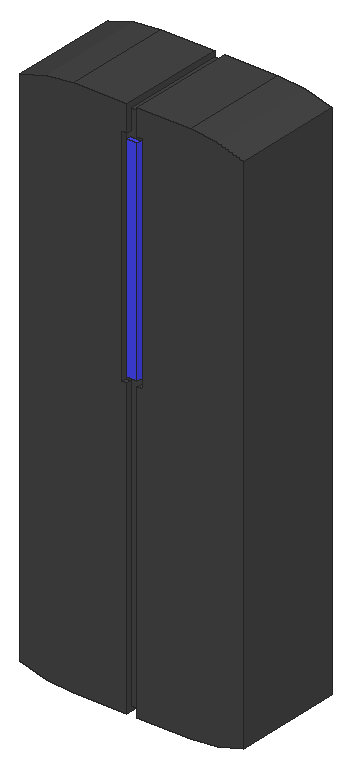
Revit family "STS-705M_RV17_LOD_400", category Электрооборудование, Revit 2017
Family settings
  Конфигурация панели = Два столбца, слева направо
  Размер круглого соединителя = Использовать диаметр
  Тип детали = Щит
  На основе рабочей плоскости = Нет
  Всегда вертикально = Да
  При загрузке вырезать с полостями = Нет
  Общий = Нет
  Точка расчета площади = Нет
Parameters (values of type "STS-705M")
  Формат идентификаторов (5) = "MIFARE Ultralight C"
  Формат идентификаторов (4) = "MIFARE Ultralight"
  Формат идентификаторов (3) = "MIFARE Classic Mini"
  Формат идентификаторов (2) = "MIFARE Classic 4K"
  Тип идентификаторов = "карта, брелок"
  Смещение_УГО_Y [instance] = 0 mm
  Смещение_УГО_X [instance] = 0 mm
  Расстояние между считывателями, см = "10-20"
  Раздел проекта [instance] = ""
  Раздел Спецификации [instance] = ""
  Рабочая частота, кГц = 13.56
  Номинальная дальность считывания идентификационного признака, до, см = "4-6 (зависит от идентификатора доступа)"
  Напряжение питания постоянного тока, В = "7,5-13,8"
  Напряжение = "12"
  Кодировка = "Manchester 64 – bit"
  Интерфейс = "RS-485"
  Формат идентификаторов (1) = "MIFARE Classic 1K"
  Диапазон рабочих температур, °С = "от минус 40 до плюс 50"
  Время считывания, мс = 200
  Видимость_УГО [instance] = yes
  В_УГО_Смешение по Х [instance] = Смещение_УГО_X + 2000 mm  # 2000 mm
  В_УГО_Смешение по Y [instance] = Смещение_УГО_Y + 2000 mm  # 2000 mm
  Антенна = "Встроенная"
  d короба [instance] = 20 mm
  ADSK_Ток = 0.1 A
  ADSK_Размер_Ширина = 21 mm
  ADSK_Размер_Длина = 43 mm
  ADSK_Размер_Высота = 105 mm
  ADSK_Примечание = ""
  ADSK_Напряжение [instance] = 12 V
  ADSK_Наименование = "STS-705M"
  ADSK_Масса = 0.1
  ADSK_Марка = "СТВФ.431295.003"
  ADSK_Количество = 1
  ADSK_Классификация нагрузок = Считыватель
  ADSK_Завод-изготовитель = "ООО «Основа Безопасности»"  # constant formula
  ADSK_Единица измерения = "шт."  # constant formula
  ADSK_URL страницы изделия = "https://stilsoft.ru/products/sts-705m"
  ADSK_URL документации изделия = ""
Reference planes
  plane 1 "По центру (Вперед/Назад)": y = 0
  plane 2: z = 0
  plane 3 "По центру (Влево/Вправо)": x = 0
  plane 4 "фасад": y = -21
  plane 5: x = 21.5
  plane 6: x = -21.5
  plane 7 "вверх": z = 105
  plane 8: x = 0
  plane 9: y = 0
  plane 10: y = 2000
  plane 11: x = -2000
Forms (mm)
  Extrusion 1, solid, material "корпус считывателя (1)", detail levels medium+fine
    sketch origin (0, 0, 0) x (1, 0, 0) y (0, 1, 0)
      loop
        line (-21.5, 0) -> (-21.5, -21) -> (21.5, -21) -> (21.5, 0) -> (-21.5, 0)
    from 0 to 105
  Extrusion 2, void
    sketch origin (0, -21, 0) x (-1, 0, 0) y (0, 0, 1)
      loop
        line (0, 105) -> (-1, 105) -> (-1, 100) -> (-2, 100) -> (-2, 57) -> (-1, 57) -> (-1, 0) -> (1, 0) -> (1, 57) -> (2, 57) -> (2, 100) -> (1, 100) -> (1, 105) -> (0, 105)
    from 0 to 1
  Extrusion 3, solid, material "индикатор", detail levels fine
    sketch origin (0, -21, 0) x (-1, 0, 0) y (0, 0, 1)
      loop
        line (-1, 98.979) -> (-1, 57.979) -> (1, 57.979) -> (1, 98.979) -> (-1, 98.979)
    from 0 to 1
  Sweep 4, void
    path origin (0, 0, 0) x (1, 0, 0) y (0, 1, 0)
      loop
        line (-21.5, -21) -> (-21.5, 0)
    profile origin (-21.5, -10.5, 0) x (-1, 0, 0) y (0, 0, 1)
      loop
        arc (0, 2) -> (-5.028, 0.505) -> (-10.25, 0) r 27.266
        line (-10.25, 0) -> (-20.5, 0) -> (-20.5, 1) -> (-22.5, 1) -> (-22.5, 0) -> (-32.75, 0)
        arc (-32.75, 0) -> (-37.972, 0.505) -> (-43, 2) r 27.266
        line (-43, 2) -> (-44, 2) -> (-44, -1) -> (1, -1) -> (1, 2) -> (0, 2)
  Sweep 5, void
    path origin (0, 0, 105) x (0, -1, 0) y (1, 0, 0)
      loop
        line (21, -21.5) -> (0, -21.5)
    profile origin (-21.5, -10.5, 105) x (-1, 0, 0) y (0, 0, 1)
      loop
        line (0, -2) -> (1, -2) -> (1, 1) -> (-44, 1) -> (-44, -2) -> (-43, -2)
        arc (-43, -2) -> (-37.972, -0.505) -> (-32.75, 0) r 27.266
        line (-32.75, 0) -> (-22.5, 0) -> (-22.5, -1) -> (-20.5, -1) -> (-20.5, 0) -> (-10.25, 0)
        arc (-10.25, 0) -> (-5.028, -0.505) -> (0, -2) r 27.266
Cuts and joins
  Extrusion 2, Sweep 4, Sweep 5 cuts Extrusion 1
Dimensions and locks
  "ADSK_Размер_Высота": plane 7 "вверх" to level
  "ADSK_Размер_Ширина": plane 4 "фасад" to plane 1 "По центру (Вперед/Назад)"
  "ADSK_Размер_Длина": plane 6 to plane 5
  locked: plane 10 to plane 1 "По центру (Вперед/Назад)" at 2000
  locked: plane 11 to plane 3 "По центру (Влево/Вправо)" at 2000
  "В_УГО_Смешение по Х": plane 11 to plane 8
  "В_УГО_Смешение по Y": plane 10 to plane 9
  aligned and locked: level to plane 2
  aligned and locked: plane 1 "По центру (Вперед/Назад)" to Extrusion 1 sketch curve
  aligned and locked: Extrusion 1 sketch curve to plane 6
  aligned and locked: plane 4 "фасад" to Extrusion 1 sketch curve
  aligned and locked: Extrusion 1 sketch curve to plane 5
  aligned and locked: plane 7 "вверх" to Extrusion 1
  aligned and locked: Extrusion 1 to level
  aligned and locked: nested 1 to plane 9
  aligned and locked: plane 8 to nested 1
Automatic sketch dimensions
  Extrusion 2 sketch curve to plane 7 "вверх" = 0 mm
  Extrusion 2 sketch curve to level = 0 mm
  Extrusion 2 sketch curve to plane 3 "По центру (Влево/Вправо)" = 0 mm
  plane 3 "По центру (Влево/Вправо)" to Extrusion 2 sketch curve = 1 mm  (x2)
  Extrusion 2 sketch curve to Extrusion 2 sketch curve = 1 mm  (x3)
  Extrusion 2 sketch curve to plane 3 "По центру (Влево/Вправо)" = 1 mm
  Extrusion 2 sketch curve to plane 7 "вверх" = 48 mm
  Extrusion 2 sketch curve to Extrusion 2 sketch curve = 0 mm  (x2)
  Extrusion 2 sketch curve to plane 7 "вверх" = 5 mm
  plane 3 "По центру (Влево/Вправо)" to Extrusion 3 sketch curve = 1 mm
  Extrusion 3 sketch curve to plane 3 "По центру (Влево/Вправо)" = 1 mm
  Extrusion 3 sketch curve to plane 7 "вверх" = 47.021 mm
  Extrusion 3 sketch curve to plane 7 "вверх" = 6.021 mm
  plane 1 "По центру (Вперед/Назад)" to Sweep 4 sketch curve = 0 mm
  Sweep 4 sketch curve to plane 6 = 0 mm
  Sweep 4 sketch curve to plane 4 "фасад" = 0 mm
  Sweep 4 sketch curve to level = 0 mm  (x2)
  Sweep 4 sketch curve to profile plane = 0 mm
  profile plane to Sweep 4 sketch curve = 10.25 mm
  Sweep 4 sketch curve to Sweep 4 sketch curve = 10.25 mm  (x3)
  Sweep 4 sketch curve to Sweep 4 sketch curve = 2 mm
  level to Sweep 4 sketch curve = 2 mm  (x2)
  Sweep 4 sketch curve to level = 1 mm
  Sweep 4 sketch curve to Sweep 4 sketch curve = 1 mm  (x2)
  level to Sweep 4 sketch curve = 1 mm
  plane 1 "По центру (Вперед/Назад)" to Sweep 5 sketch curve = 0 mm
  Sweep 5 sketch curve to plane 4 "фасад" = 0 mm
  Sweep 5 sketch curve to plane 6 = 0 mm
  Sweep 5 sketch curve to profile plane = 0 mm  (x3)
  profile plane to Sweep 5 sketch curve = 10.25 mm
  Sweep 5 sketch curve to Sweep 5 sketch curve = 10.25 mm  (x3)
  Sweep 5 sketch curve to Sweep 5 sketch curve = 2 mm
  Sweep 5 sketch curve to profile plane = 2 mm
  profile plane to Sweep 5 sketch curve = 1 mm
  Sweep 5 sketch curve to Sweep 5 sketch curve = 1 mm  (x3)
  Sweep 5 sketch curve to Sweep 5 sketch curve = 0 mm
Nested families
  nested 1: "УГО_Считыватель" at (0, 0, 0), visible <- "Видимость_УГО", type "УГО_Считыватель", detail levels coarse
Connectors
  electrical at (0, 0, 52.5)
    settings: on cut or joined group of Extrusion 1, Extrusion 2, Sweep 4, Sweep 5, index 1, voltage 0 V, apparent load 0 VA, apparent load phase1 0 VA, apparent load phase2 0 VA, apparent load phase3 0 VA, power factor 1, load classification "Прочее", number of poles 1, system type 31, power factor state 1, is connector primary yes, connector utility no, sub classification motor no, connector description ""
  cabletrayconduit at (0, 0, 52.5), diameter 20, driven by "d короба"
    settings: on cut or joined group of Extrusion 1, Extrusion 2, Sweep 4, Sweep 5, index 2, connector width 300 mm, connector height 300 mm, connector angle 0.00°, system type 32, placement type 0, profile type 0, connector reference index -1, is primary connector yes, connector utility param no, connector description ""
Definition of nested family "УГО_Считыватель"
  Reference planes
    plane 1: y = 0
    plane 2: x = 0
  Lines and regions (mm)
    detail lines
      curve 1: line (3, 0, 0) -> (3, -8, 0)
      curve 2: line (3, -8, 0) -> (-3, -8, 0)
      curve 3: line (-3, -8, 0) -> (-3, 0, 0)
      curve 4: line (-3, 0, 0) -> (3, 0, 0)
      curve 5: line (2, -1.007, 0) -> (2, -7.007, 0)
      curve 6: line (2, -7.007, 0) -> (-2, -7.007, 0)
      curve 7: line (-2, -7.007, 0) -> (-2, -1.007, 0)
      curve 8: line (-2, -1.007, 0) -> (2, -1.007, 0)
    detail lines, not visible
      curve 9: line (3, 0, 0) -> (3, -8, 0)
      curve 10: line (3, -8, 0) -> (-3, -8, 0)
      curve 11: line (-3, -8, 0) -> (-3, 0, 0)
      curve 12: line (-3, 0, 0) -> (3, 0, 0)
      curve 13: line (2, -1.007, 0) -> (2, -7.007, 0)
      curve 14: line (2, -7.007, 0) -> (-2, -7.007, 0)
      curve 15: line (-2, -7.007, 0) -> (-2, -1.007, 0)
      curve 16: line (-2, -1.007, 0) -> (2, -1.007, 0)
  Dimensions and locks
    aligned and locked: plane 1 to curve 4
